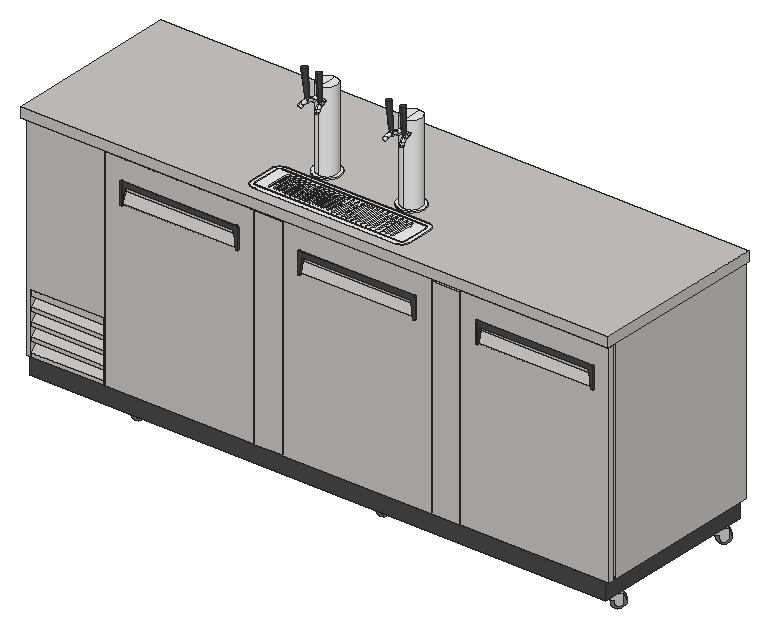
Revit family "QF_Turbo Air_TBD-4", category Specialty Equipment, Revit 2014
Parameters (values of type "TBD-4SD")
  Weight in Pounds = 440
  Watermarked By = ""
  Volts = 115 V
  URL Cutsheet = ""
  URL = "www.turboairinc.com"
  Status [instance] = ""
  Specification by User [instance] = ""
  Specification by Manufacturer [instance] = ""
  Serial Number [instance] = ""
  Revision Code [instance] = ""
  Phase = 1
  Number of Poles [instance] = 1
  NAFEM Spec ID Number [instance] = ""
  Model = "TBD-4SD"
  Masterspec [instance] = ""
  Manufacturer = "Turbo Air"  # constant formula
  Item Number [instance] = "-"
  Installed By [instance] = ""
  HP = "1/3"
  Furnished By [instance] = ""
  Foodservice Equipment Identifier = yes
  FL Amps = 7.5 A
  Electrical Remarks [instance] = ""
  Electric Connection Type [instance] = ""
  Elec Conn RI Height [instance] = 0' - 0"
  Elec Conn Connection Height [instance] = CasterLeg Height + 0' 2"  # 0' - 5"
  Description = "Beer Dispenser"
  Cycle = 60 Hz
  Conn Plug = "NEMA 5-15P"
  CasterLeg Height [instance] = if([2 inch Casters], 0' 3", if([4 inch Casters], 0' 5", 0' 6"))  # 0' - 3"
  CSI MasterFormat = "11 46 13"
  Body Material = QF_Stainless-Polished
  Assembly Code = "E1090320"
  Apparent Power = if(Phase = 3, Volts * FL Amps * 1.73, Volts * FL Amps)  # 862.5 VA
  6 inch Legs [instance] = no
  4 inch Casters [instance] = no
  2 inch Casters [instance] = yes
Reference planes (in)
  plane 1 "BACK": y = 0
  plane 2: z = 0
  plane 3 "LEFT": x = -16.56573
  plane 4 "RIGHT": x = 73.80927
  plane 5 "FRONT": y = -27.125
  plane 6 "Bumber Back": y = 2
  plane 7 "Bottom": z = 3
  plane 8 "Counter Top": z = 40
  plane 9 "Counter Bottom": z = 38.4375
  plane 10 "Vent Bottom": z = 5.5625
  plane 11 "Box Left": x = -16.19073
  plane 12 "Vents Left": x = -15.56573
  plane 13 "Vents Right": x = -4.00323
  plane 14 "Doors Back": y = -24.9375
  plane 15 "Vents Front": y = -26.375
  plane 16 "Vent Top": z = 14.8125
  plane 17 "Box Right": x = 73.43427
  plane 18: x = 50.62177
  plane 19: x = 18.80927
  plane 20 "Center Drain LR": x = 28.62177
  plane 21 "Center Drain FB": y = -21.96875
  plane 22 "Door Clearance": y = -48.375
  plane 23: x = 34.71552
  plane 24: x = 23.30927
  plane 25: x = 46.12177
Forms (in)
  Extrusion 1, solid, material "QF_Plastic-Black-Matte"
    sketch origin (0, 0, 3) x (0, 1, 0) y (-1, 0, 0)
      loop
        line (-0.625, 15.75323) -> (-26.3125, 15.75323) -> (-26.3125, -72.99677) -> (-0.625, -72.99677) -> (-0.625, 15.75323)
    from 0 to 2.5625
  Extrusion 2, solid, material "QF_Stainless-Polished" <- "Body Material"
    sketch origin (-15.56573, 0, 0) x (0, 1, 0) y (0, 0, 1)
      loop
        line (-26.375, 12.375) -> (-26.375, 11.8125) -> (-26, 11.8125) -> (-26, 11.875) -> (-26.3125, 11.875) -> (-26.3125, 12.34911) -> (-25.04917, 13.61244) -> (-25.09337, 13.65663) -> (-26.375, 12.375)
      loop
        line (-26.375, 10.3125) -> (-26.375, 9.75) -> (-26, 9.75) -> (-26, 9.8125) -> (-26.3125, 9.8125) -> (-26.3125, 10.28661) -> (-25.04917, 11.54994) -> (-25.09337, 11.59413) -> (-26.375, 10.3125)
      loop
        line (-26.375, 8.25) -> (-26.375, 7.6875) -> (-26, 7.6875) -> (-26, 7.75) -> (-26.3125, 7.75) -> (-26.3125, 8.22411) -> (-25.04917, 9.48744) -> (-25.09337, 9.53163) -> (-26.375, 8.25)
      loop
        line (-26.375, 6.125) -> (-26.375, 5.5625) -> (-25.8125, 5.5625) -> (-25.8125, 5.625) -> (-26.3125, 5.625) -> (-26.3125, 6.09911) -> (-25.04917, 7.36244) -> (-25.09337, 7.40663) -> (-26.375, 6.125)
      loop
        line (-26.375, 14.8125) -> (-26.375, 13.875) -> (-26, 13.875) -> (-26, 13.9375) -> (-26.3125, 13.9375) -> (-26.3125, 14.41161) -> (-25.91161, 14.8125) -> (-26.375, 14.8125)
    from 0 to 11.3125
  Extrusion 3, solid, material "QF_Plastic-Black-Matte"
    sketch origin (0, 2, 0) x (1, 0, 0) y (0, 0, 1)
      loop
        circle (-10.62823, 34.5) r 0.8125
      loop
        circle (67.87177, 34.5) r 0.8125
    from 0 to 2
  Extrusion 4, solid, material "QF_Plastic-Black-Matte"
    sketch origin (0, 0, 0) x (1, 0, 0) y (0, 0, 1)
      loop
        circle (-10.09698, 5) r 0.25
    from 0.625 to 0.5625
  Extrusion 5, solid, material "QF_Stainless-Polished" <- "Body Material"
    sketch origin (0, 0, 5.5625) x (0, 1, 0) y (-1, 0, 0)
      loop
        line (0, 16.19073) -> (-24.9375, 16.19073) -> (-24.9375, -73.43427) -> (0, -73.43427) -> (0, 16.19073)
    from 0 to 32.875
  Extrusion 6, solid, material "QF_Stainless-Polished" <- "Body Material"
    sketch origin (0, -24.9375, 0) x (1, 0, 0) y (0, 0, 1)
      loop
        line (-16.19073, 38.4375) -> (-16.19073, 5.5625) -> (-15.56573, 5.5625) -> (-15.56573, 14.8125) -> (-4.25323, 14.8125) -> (-4.25323, 5.5625) -> (-4.12823, 5.5625) -> (-4.12823, 38.4375) -> (-16.19073, 38.4375)
    from 0 to 1.4375
  Extrusion 7, solid, material "QF_Stainless-Polished"
    sketch origin (0, 0, 38.4375) x (0, 1, 0) y (-1, 0, 0)
      loop
        line (0, 16.56573) -> (-27.125, 16.56573) -> (-27.125, -73.80927) -> (0, -73.80927) -> (0, 16.56573)
      loop
        arc (-23.9375, -16.43427) -> (-24.77719, -16.78209) -> (-25.125, -17.62177) r 1.1875
        line (-25.125, -17.62177) -> (-25.125, -39.62177)
        arc (-25.125, -39.62177) -> (-24.77719, -40.46146) -> (-23.9375, -40.80927) r 1.1875
        line (-23.9375, -40.80927) -> (-20, -40.80927)
        arc (-20, -40.80927) -> (-19.16031, -40.46146) -> (-18.8125, -39.62177) r 1.1875
        line (-18.8125, -39.62177) -> (-18.8125, -17.62177)
        arc (-18.8125, -17.62177) -> (-19.16031, -16.78209) -> (-20, -16.43427) r 1.1875
        line (-20, -16.43427) -> (-23.9375, -16.43427)
    from 0 to 1.5625
  Extrusion 8, solid, material "QF_Steel-Chrome Plated"
    sketch origin (0, 0, 40) x (0, 1, 0) y (-1, 0, 0)
      loop
        arc (-18.8125, -17.62177) -> (-19.16031, -16.78209) -> (-20, -16.43427) r 1.1875
        line (-20, -16.43427) -> (-23.9375, -16.43427)
        arc (-23.9375, -16.43427) -> (-24.77719, -16.78209) -> (-25.125, -17.62177) r 1.1875
        line (-25.125, -17.62177) -> (-25.125, -39.62177)
        arc (-25.125, -39.62177) -> (-24.77719, -40.46146) -> (-23.9375, -40.80927) r 1.1875
        line (-23.9375, -40.80927) -> (-20, -40.80927)
        arc (-20, -40.80927) -> (-19.16031, -40.46146) -> (-18.8125, -39.62177) r 1.1875
        line (-18.8125, -39.62177) -> (-18.8125, -17.62177)
      loop
        arc (-19.4375, -17.62177) -> (-19.60225, -17.22403) -> (-20, -17.05927) r 0.5625
        line (-20, -17.05927) -> (-23.9375, -17.05927)
        arc (-23.9375, -17.05927) -> (-24.33525, -17.22403) -> (-24.5, -17.62177) r 0.5625
        line (-24.5, -17.62177) -> (-24.5, -39.62177)
        arc (-24.5, -39.62177) -> (-24.33525, -40.01952) -> (-23.9375, -40.18427) r 0.5625
        line (-23.9375, -40.18427) -> (-20, -40.18427)
        arc (-20, -40.18427) -> (-19.60225, -40.01952) -> (-19.4375, -39.62177) r 0.5625
        line (-19.4375, -39.62177) -> (-19.4375, -17.62177)
    from 0 to -0.125
  Extrusion 9, solid, material "QF_Steel-Chrome Plated"
    sketch origin (33.14617, 0.125, 38.45227) x (0, 1, 0) y (-0.939693, 0, 0.34202)
      loop
        line (-20.09432, 4.56363) -> (-24.09318, 4.56363)
        arc (-24.09318, 4.56363) -> (-23.94406, 4.20362) -> (-23.58405, 4.0545) r 0.50913
        line (-23.58405, 4.0545) -> (-20.60345, 4.0545)
        arc (-20.60345, 4.0545) -> (-20.24344, 4.20362) -> (-20.09432, 4.56363) r 0.50913
    from -0.0625 to -0.125
  Extrusion 10, solid, material "QF_Steel-Chrome Plated"
    sketch origin (33.89617, 0.125, 38.45227) x (0, 1, 0) y (-0.939693, 0, 0.34202)
      loop
        line (-20.09432, 4.56363) -> (-24.09318, 4.56363)
        arc (-24.09318, 4.56363) -> (-23.94406, 4.20362) -> (-23.58405, 4.0545) r 0.50913
        line (-23.58405, 4.0545) -> (-20.60345, 4.0545)
        arc (-20.60345, 4.0545) -> (-20.24344, 4.20362) -> (-20.09432, 4.56363) r 0.50913
    from -0.0625 to -0.125
  Extrusion 11, solid, material "QF_Steel-Chrome Plated"
    sketch origin (34.64617, 0.125, 38.45227) x (0, 1, 0) y (-0.939693, 0, 0.34202)
      loop
        line (-20.09432, 4.56363) -> (-24.09318, 4.56363)
        arc (-24.09318, 4.56363) -> (-23.94406, 4.20362) -> (-23.58405, 4.0545) r 0.50913
        line (-23.58405, 4.0545) -> (-20.60345, 4.0545)
        arc (-20.60345, 4.0545) -> (-20.24344, 4.20362) -> (-20.09432, 4.56363) r 0.50913
    from -0.0625 to -0.125
  Extrusion 12, solid, material "QF_Steel-Chrome Plated"
    sketch origin (35.39617, 0.125, 38.45227) x (0, 1, 0) y (-0.939693, 0, 0.34202)
      loop
        line (-20.09432, 4.56363) -> (-24.09318, 4.56363)
        arc (-24.09318, 4.56363) -> (-23.94406, 4.20362) -> (-23.58405, 4.0545) r 0.50913
        line (-23.58405, 4.0545) -> (-20.60345, 4.0545)
        arc (-20.60345, 4.0545) -> (-20.24344, 4.20362) -> (-20.09432, 4.56363) r 0.50913
    from -0.0625 to -0.125
  Extrusion 13, solid, material "QF_Steel-Chrome Plated"
    sketch origin (36.14617, 0.125, 38.45227) x (0, 1, 0) y (-0.939693, 0, 0.34202)
      loop
        line (-20.09432, 4.56363) -> (-24.09318, 4.56363)
        arc (-24.09318, 4.56363) -> (-23.94406, 4.20362) -> (-23.58405, 4.0545) r 0.50913
        line (-23.58405, 4.0545) -> (-20.60345, 4.0545)
        arc (-20.60345, 4.0545) -> (-20.24344, 4.20362) -> (-20.09432, 4.56363) r 0.50913
    from -0.0625 to -0.125
  Extrusion 14, solid, material "QF_Steel-Chrome Plated"
    sketch origin (36.89617, 0.125, 38.45227) x (0, 1, 0) y (-0.939693, 0, 0.34202)
      loop
        line (-20.09432, 4.56363) -> (-24.09318, 4.56363)
        arc (-24.09318, 4.56363) -> (-23.94406, 4.20362) -> (-23.58405, 4.0545) r 0.50913
        line (-23.58405, 4.0545) -> (-20.60345, 4.0545)
        arc (-20.60345, 4.0545) -> (-20.24344, 4.20362) -> (-20.09432, 4.56363) r 0.50913
    from -0.0625 to -0.125
  Extrusion 15, solid, material "QF_Steel-Chrome Plated"
    sketch origin (37.64617, 0.125, 38.45227) x (0, 1, 0) y (-0.939693, 0, 0.34202)
      loop
        line (-20.09432, 4.56363) -> (-24.09318, 4.56363)
        arc (-24.09318, 4.56363) -> (-23.94406, 4.20362) -> (-23.58405, 4.0545) r 0.50913
        line (-23.58405, 4.0545) -> (-20.60345, 4.0545)
        arc (-20.60345, 4.0545) -> (-20.24344, 4.20362) -> (-20.09432, 4.56363) r 0.50913
    from -0.0625 to -0.125
  Extrusion 16, solid, material "QF_Steel-Chrome Plated"
    sketch origin (24.09737, 0.125, 38.45227) x (0, 1, 0) y (-0.939693, 0, -0.34202)
      loop
        arc (-20.09432, -4.56363) -> (-20.24344, -4.20362) -> (-20.60345, -4.0545) r 0.50913
        line (-20.60345, -4.0545) -> (-23.58405, -4.0545)
        arc (-23.58405, -4.0545) -> (-23.94406, -4.20362) -> (-24.09318, -4.56363) r 0.50913
        line (-24.09318, -4.56363) -> (-20.09432, -4.56363)
    from -0.0625 to -0.125
  Extrusion 17, solid, material "QF_Steel-Chrome Plated"
    sketch origin (23.34737, 0.125, 38.45227) x (0, 1, 0) y (-0.939693, 0, -0.34202)
      loop
        arc (-20.09432, -4.56363) -> (-20.24344, -4.20362) -> (-20.60345, -4.0545) r 0.50913
        line (-20.60345, -4.0545) -> (-23.58405, -4.0545)
        arc (-23.58405, -4.0545) -> (-23.94406, -4.20362) -> (-24.09318, -4.56363) r 0.50913
        line (-24.09318, -4.56363) -> (-20.09432, -4.56363)
    from -0.0625 to -0.125
  Extrusion 18, solid, material "QF_Steel-Chrome Plated"
    sketch origin (22.59737, 0.125, 38.45227) x (0, 1, 0) y (-0.939693, 0, -0.34202)
      loop
        arc (-20.09432, -4.56363) -> (-20.24344, -4.20362) -> (-20.60345, -4.0545) r 0.50913
        line (-20.60345, -4.0545) -> (-23.58405, -4.0545)
        arc (-23.58405, -4.0545) -> (-23.94406, -4.20362) -> (-24.09318, -4.56363) r 0.50913
        line (-24.09318, -4.56363) -> (-20.09432, -4.56363)
    from -0.0625 to -0.125
  Extrusion 19, solid, material "QF_Steel-Chrome Plated"
    sketch origin (21.84737, 0.125, 38.45227) x (0, 1, 0) y (-0.939693, 0, -0.34202)
      loop
        arc (-20.09432, -4.56363) -> (-20.24344, -4.20362) -> (-20.60345, -4.0545) r 0.50913
        line (-20.60345, -4.0545) -> (-23.58405, -4.0545)
        arc (-23.58405, -4.0545) -> (-23.94406, -4.20362) -> (-24.09318, -4.56363) r 0.50913
        line (-24.09318, -4.56363) -> (-20.09432, -4.56363)
    from -0.0625 to -0.125
  Extrusion 20, solid, material "QF_Steel-Chrome Plated"
    sketch origin (21.09737, 0.125, 38.45227) x (0, 1, 0) y (-0.939693, 0, -0.34202)
      loop
        arc (-20.09432, -4.56363) -> (-20.24344, -4.20362) -> (-20.60345, -4.0545) r 0.50913
        line (-20.60345, -4.0545) -> (-23.58405, -4.0545)
        arc (-23.58405, -4.0545) -> (-23.94406, -4.20362) -> (-24.09318, -4.56363) r 0.50913
        line (-24.09318, -4.56363) -> (-20.09432, -4.56363)
    from -0.0625 to -0.125
  Extrusion 21, solid, material "QF_Steel-Chrome Plated"
    sketch origin (20.34737, 0.125, 38.45227) x (0, 1, 0) y (-0.939693, 0, -0.34202)
      loop
        arc (-20.09432, -4.56363) -> (-20.24344, -4.20362) -> (-20.60345, -4.0545) r 0.50913
        line (-20.60345, -4.0545) -> (-23.58405, -4.0545)
        arc (-23.58405, -4.0545) -> (-23.94406, -4.20362) -> (-24.09318, -4.56363) r 0.50913
        line (-24.09318, -4.56363) -> (-20.09432, -4.56363)
    from -0.0625 to -0.125
  Extrusion 22, solid, material "QF_Steel-Chrome Plated"
    sketch origin (19.59737, 0.125, 38.45227) x (0, 1, 0) y (-0.939693, 0, -0.34202)
      loop
        arc (-20.09432, -4.56363) -> (-20.24344, -4.20362) -> (-20.60345, -4.0545) r 0.50913
        line (-20.60345, -4.0545) -> (-23.58405, -4.0545)
        arc (-23.58405, -4.0545) -> (-23.94406, -4.20362) -> (-24.09318, -4.56363) r 0.50913
        line (-24.09318, -4.56363) -> (-20.09432, -4.56363)
    from -0.0625 to -0.125
  Extrusion 23, solid, material "QF_Steel-Chrome Plated", not visible
    sketch origin (-0.22883, 0, 37.95227) x (0, 1, 0) y (-0.939693, 0, 0.34202)
      loop
        line (-20.09432, 4.56363) -> (-24.09318, 4.56363)
        arc (-24.09318, 4.56363) -> (-23.94406, 4.20362) -> (-23.58405, 4.0545) r 0.50913
        line (-23.58405, 4.0545) -> (-20.60345, 4.0545)
        arc (-20.60345, 4.0545) -> (-20.24344, 4.20362) -> (-20.09432, 4.56363) r 0.50913
    from -0.0625 to -0.125
  Extrusion 24, solid, material "QF_Steel-Chrome Plated", not visible
    sketch origin (0.52117, 0, 37.95227) x (0, 1, 0) y (-0.939693, 0, 0.34202)
      loop
        line (-20.09432, 4.56363) -> (-24.09318, 4.56363)
        arc (-24.09318, 4.56363) -> (-23.94406, 4.20362) -> (-23.58405, 4.0545) r 0.50913
        line (-23.58405, 4.0545) -> (-20.60345, 4.0545)
        arc (-20.60345, 4.0545) -> (-20.24344, 4.20362) -> (-20.09432, 4.56363) r 0.50913
    from -0.0625 to -0.125
  Extrusion 25, solid, material "QF_Steel-Chrome Plated", not visible
    sketch origin (1.27117, 0, 37.95227) x (0, 1, 0) y (-0.939693, 0, 0.34202)
      loop
        line (-20.09432, 4.56363) -> (-24.09318, 4.56363)
        arc (-24.09318, 4.56363) -> (-23.94406, 4.20362) -> (-23.58405, 4.0545) r 0.50913
        line (-23.58405, 4.0545) -> (-20.60345, 4.0545)
        arc (-20.60345, 4.0545) -> (-20.24344, 4.20362) -> (-20.09432, 4.56363) r 0.50913
    from -0.0625 to -0.125
  Extrusion 26, solid, material "QF_Steel-Chrome Plated", not visible
    sketch origin (2.02117, 0, 37.95227) x (0, 1, 0) y (-0.939693, 0, 0.34202)
      loop
        line (-20.09432, 4.56363) -> (-24.09318, 4.56363)
        arc (-24.09318, 4.56363) -> (-23.94406, 4.20362) -> (-23.58405, 4.0545) r 0.50913
        line (-23.58405, 4.0545) -> (-20.60345, 4.0545)
        arc (-20.60345, 4.0545) -> (-20.24344, 4.20362) -> (-20.09432, 4.56363) r 0.50913
    from -0.0625 to -0.125
  Extrusion 27, solid, material "QF_Steel-Chrome Plated", not visible
    sketch origin (2.77117, 0, 37.95227) x (0, 1, 0) y (-0.939693, 0, 0.34202)
      loop
        line (-20.09432, 4.56363) -> (-24.09318, 4.56363)
        arc (-24.09318, 4.56363) -> (-23.94406, 4.20362) -> (-23.58405, 4.0545) r 0.50913
        line (-23.58405, 4.0545) -> (-20.60345, 4.0545)
        arc (-20.60345, 4.0545) -> (-20.24344, 4.20362) -> (-20.09432, 4.56363) r 0.50913
    from -0.0625 to -0.125
  Extrusion 28, solid, material "QF_Steel-Chrome Plated", not visible
    sketch origin (3.52117, 0, 37.95227) x (0, 1, 0) y (-0.939693, 0, 0.34202)
      loop
        line (-20.09432, 4.56363) -> (-24.09318, 4.56363)
        arc (-24.09318, 4.56363) -> (-23.94406, 4.20362) -> (-23.58405, 4.0545) r 0.50913
        line (-23.58405, 4.0545) -> (-20.60345, 4.0545)
        arc (-20.60345, 4.0545) -> (-20.24344, 4.20362) -> (-20.09432, 4.56363) r 0.50913
    from -0.0625 to -0.125
  Extrusion 29, solid, material "QF_Steel-Chrome Plated", not visible
    sketch origin (4.27117, 0, 37.95227) x (0, 1, 0) y (-0.939693, 0, 0.34202)
      loop
        line (-20.09432, 4.56363) -> (-24.09318, 4.56363)
        arc (-24.09318, 4.56363) -> (-23.94406, 4.20362) -> (-23.58405, 4.0545) r 0.50913
        line (-23.58405, 4.0545) -> (-20.60345, 4.0545)
        arc (-20.60345, 4.0545) -> (-20.24344, 4.20362) -> (-20.09432, 4.56363) r 0.50913
    from -0.0625 to -0.125
  Extrusion 30, solid, material "QF_Steel-Chrome Plated", not visible
    sketch origin (-9.27763, 0, 37.95227) x (0, 1, 0) y (-0.939693, 0, -0.34202)
      loop
        arc (-20.09432, -4.56363) -> (-20.24344, -4.20362) -> (-20.60345, -4.0545) r 0.50913
        line (-20.60345, -4.0545) -> (-23.58405, -4.0545)
        arc (-23.58405, -4.0545) -> (-23.94406, -4.20362) -> (-24.09318, -4.56363) r 0.50913
        line (-24.09318, -4.56363) -> (-20.09432, -4.56363)
    from -0.0625 to -0.125
  Extrusion 31, solid, material "QF_Steel-Chrome Plated", not visible
    sketch origin (-10.02763, 0, 37.95227) x (0, 1, 0) y (-0.939693, 0, -0.34202)
      loop
        arc (-20.09432, -4.56363) -> (-20.24344, -4.20362) -> (-20.60345, -4.0545) r 0.50913
        line (-20.60345, -4.0545) -> (-23.58405, -4.0545)
        arc (-23.58405, -4.0545) -> (-23.94406, -4.20362) -> (-24.09318, -4.56363) r 0.50913
        line (-24.09318, -4.56363) -> (-20.09432, -4.56363)
    from -0.0625 to -0.125
  Extrusion 32, solid, material "QF_Steel-Chrome Plated", not visible
    sketch origin (-10.77763, 0, 37.95227) x (0, 1, 0) y (-0.939693, 0, -0.34202)
      loop
        arc (-20.09432, -4.56363) -> (-20.24344, -4.20362) -> (-20.60345, -4.0545) r 0.50913
        line (-20.60345, -4.0545) -> (-23.58405, -4.0545)
        arc (-23.58405, -4.0545) -> (-23.94406, -4.20362) -> (-24.09318, -4.56363) r 0.50913
        line (-24.09318, -4.56363) -> (-20.09432, -4.56363)
    from -0.0625 to -0.125
  Extrusion 33, solid, material "QF_Steel-Chrome Plated", not visible
    sketch origin (-11.52763, 0, 37.95227) x (0, 1, 0) y (-0.939693, 0, -0.34202)
      loop
        arc (-20.09432, -4.56363) -> (-20.24344, -4.20362) -> (-20.60345, -4.0545) r 0.50913
        line (-20.60345, -4.0545) -> (-23.58405, -4.0545)
        arc (-23.58405, -4.0545) -> (-23.94406, -4.20362) -> (-24.09318, -4.56363) r 0.50913
        line (-24.09318, -4.56363) -> (-20.09432, -4.56363)
    from -0.0625 to -0.125
  Extrusion 34, solid, material "QF_Steel-Chrome Plated", not visible
    sketch origin (-12.27763, 0, 37.95227) x (0, 1, 0) y (-0.939693, 0, -0.34202)
      loop
        arc (-20.09432, -4.56363) -> (-20.24344, -4.20362) -> (-20.60345, -4.0545) r 0.50913
        line (-20.60345, -4.0545) -> (-23.58405, -4.0545)
        arc (-23.58405, -4.0545) -> (-23.94406, -4.20362) -> (-24.09318, -4.56363) r 0.50913
        line (-24.09318, -4.56363) -> (-20.09432, -4.56363)
    from -0.0625 to -0.125
  Extrusion 35, solid, material "QF_Steel-Chrome Plated", not visible
    sketch origin (-13.02763, 0, 37.95227) x (0, 1, 0) y (-0.939693, 0, -0.34202)
      loop
        arc (-20.09432, -4.56363) -> (-20.24344, -4.20362) -> (-20.60345, -4.0545) r 0.50913
        line (-20.60345, -4.0545) -> (-23.58405, -4.0545)
        arc (-23.58405, -4.0545) -> (-23.94406, -4.20362) -> (-24.09318, -4.56363) r 0.50913
        line (-24.09318, -4.56363) -> (-20.09432, -4.56363)
    from -0.0625 to -0.125
  Extrusion 36, solid, material "QF_Steel-Chrome Plated", not visible
    sketch origin (-13.77763, 0, 37.95227) x (0, 1, 0) y (-0.939693, 0, -0.34202)
      loop
        arc (-20.09432, -4.56363) -> (-20.24344, -4.20362) -> (-20.60345, -4.0545) r 0.50913
        line (-20.60345, -4.0545) -> (-23.58405, -4.0545)
        arc (-23.58405, -4.0545) -> (-23.94406, -4.20362) -> (-24.09318, -4.56363) r 0.50913
        line (-24.09318, -4.56363) -> (-20.09432, -4.56363)
    from -0.0625 to -0.125
  Extrusion 37, solid, material "QF_Steel-Chrome Plated"
    sketch origin (18.84737, 0.125, 38.45227) x (0, 1, 0) y (-0.939693, 0, -0.34202)
      loop
        arc (-20.09432, -4.56363) -> (-20.24344, -4.20362) -> (-20.60345, -4.0545) r 0.50913
        line (-20.60345, -4.0545) -> (-23.58405, -4.0545)
        arc (-23.58405, -4.0545) -> (-23.94406, -4.20362) -> (-24.09318, -4.56363) r 0.50913
        line (-24.09318, -4.56363) -> (-20.09432, -4.56363)
    from -0.0625 to -0.125
  Extrusion 38, solid, material "QF_Steel-Chrome Plated"
    sketch origin (18.09737, 0.125, 38.45227) x (0, 1, 0) y (-0.939693, 0, -0.34202)
      loop
        arc (-20.09432, -4.56363) -> (-20.24344, -4.20362) -> (-20.60345, -4.0545) r 0.50913
        line (-20.60345, -4.0545) -> (-23.58405, -4.0545)
        arc (-23.58405, -4.0545) -> (-23.94406, -4.20362) -> (-24.09318, -4.56363) r 0.50913
        line (-24.09318, -4.56363) -> (-20.09432, -4.56363)
    from -0.0625 to -0.125
  Extrusion 39, solid, material "QF_Steel-Chrome Plated"
    sketch origin (17.34737, 0.125, 38.45227) x (0, 1, 0) y (-0.939693, 0, -0.34202)
      loop
        arc (-20.09432, -4.56363) -> (-20.24344, -4.20362) -> (-20.60345, -4.0545) r 0.50913
        line (-20.60345, -4.0545) -> (-23.58405, -4.0545)
        arc (-23.58405, -4.0545) -> (-23.94406, -4.20362) -> (-24.09318, -4.56363) r 0.50913
        line (-24.09318, -4.56363) -> (-20.09432, -4.56363)
    from -0.0625 to -0.125
  Extrusion 40, solid, material "QF_Steel-Chrome Plated"
    sketch origin (16.59737, 0.125, 38.45227) x (0, 1, 0) y (-0.939693, 0, -0.34202)
      loop
        arc (-20.09432, -4.56363) -> (-20.24344, -4.20362) -> (-20.60345, -4.0545) r 0.50913
        line (-20.60345, -4.0545) -> (-23.58405, -4.0545)
        arc (-23.58405, -4.0545) -> (-23.94406, -4.20362) -> (-24.09318, -4.56363) r 0.50913
        line (-24.09318, -4.56363) -> (-20.09432, -4.56363)
    from -0.0625 to -0.125
  Extrusion 41, solid, material "QF_Steel-Chrome Plated"
    sketch origin (15.84737, 0.125, 38.45227) x (0, 1, 0) y (-0.939693, 0, -0.34202)
      loop
        arc (-20.09432, -4.56363) -> (-20.24344, -4.20362) -> (-20.60345, -4.0545) r 0.50913
        line (-20.60345, -4.0545) -> (-23.58405, -4.0545)
        arc (-23.58405, -4.0545) -> (-23.94406, -4.20362) -> (-24.09318, -4.56363) r 0.50913
        line (-24.09318, -4.56363) -> (-20.09432, -4.56363)
    from -0.0625 to -0.125
  Extrusion 42, solid, material "QF_Steel-Chrome Plated"
    sketch origin (15.09737, 0.125, 38.45227) x (0, 1, 0) y (-0.939693, 0, -0.34202)
      loop
        arc (-20.09432, -4.56363) -> (-20.24344, -4.20362) -> (-20.60345, -4.0545) r 0.50913
        line (-20.60345, -4.0545) -> (-23.58405, -4.0545)
        arc (-23.58405, -4.0545) -> (-23.94406, -4.20362) -> (-24.09318, -4.56363) r 0.50913
        line (-24.09318, -4.56363) -> (-20.09432, -4.56363)
    from -0.0625 to -0.125
  Extrusion 43, solid, material "QF_Steel-Chrome Plated"
    sketch origin (38.39617, 0.125, 38.45227) x (0, 1, 0) y (-0.939693, 0, 0.34202)
      loop
        line (-20.09432, 4.56363) -> (-24.09318, 4.56363)
        arc (-24.09318, 4.56363) -> (-23.94406, 4.20362) -> (-23.58405, 4.0545) r 0.50913
        line (-23.58405, 4.0545) -> (-20.60345, 4.0545)
        arc (-20.60345, 4.0545) -> (-20.24344, 4.20362) -> (-20.09432, 4.56363) r 0.50913
    from -0.0625 to -0.125
  Extrusion 44, solid, material "QF_Steel-Chrome Plated"
    sketch origin (39.14617, 0.125, 38.45227) x (0, 1, 0) y (-0.939693, 0, 0.34202)
      loop
        line (-20.09432, 4.56363) -> (-24.09318, 4.56363)
        arc (-24.09318, 4.56363) -> (-23.94406, 4.20362) -> (-23.58405, 4.0545) r 0.50913
        line (-23.58405, 4.0545) -> (-20.60345, 4.0545)
        arc (-20.60345, 4.0545) -> (-20.24344, 4.20362) -> (-20.09432, 4.56363) r 0.50913
    from -0.0625 to -0.125
  Extrusion 45, solid, material "QF_Steel-Chrome Plated"
    sketch origin (39.89617, 0.125, 38.45227) x (0, 1, 0) y (-0.939693, 0, 0.34202)
      loop
        line (-20.09432, 4.56363) -> (-24.09318, 4.56363)
        arc (-24.09318, 4.56363) -> (-23.94406, 4.20362) -> (-23.58405, 4.0545) r 0.50913
        line (-23.58405, 4.0545) -> (-20.60345, 4.0545)
        arc (-20.60345, 4.0545) -> (-20.24344, 4.20362) -> (-20.09432, 4.56363) r 0.50913
    from -0.0625 to -0.125
  Extrusion 46, solid, material "QF_Steel-Chrome Plated"
    sketch origin (40.64617, 0.125, 38.45227) x (0, 1, 0) y (-0.939693, 0, 0.34202)
      loop
        line (-20.09432, 4.56363) -> (-24.09318, 4.56363)
        arc (-24.09318, 4.56363) -> (-23.94406, 4.20362) -> (-23.58405, 4.0545) r 0.50913
        line (-23.58405, 4.0545) -> (-20.60345, 4.0545)
        arc (-20.60345, 4.0545) -> (-20.24344, 4.20362) -> (-20.09432, 4.56363) r 0.50913
    from -0.0625 to -0.125
  Extrusion 47, solid, material "QF_Steel-Chrome Plated"
    sketch origin (41.39617, 0.125, 38.45227) x (0, 1, 0) y (-0.939693, 0, 0.34202)
      loop
        line (-20.09432, 4.56363) -> (-24.09318, 4.56363)
        arc (-24.09318, 4.56363) -> (-23.94406, 4.20362) -> (-23.58405, 4.0545) r 0.50913
        line (-23.58405, 4.0545) -> (-20.60345, 4.0545)
        arc (-20.60345, 4.0545) -> (-20.24344, 4.20362) -> (-20.09432, 4.56363) r 0.50913
    from -0.0625 to -0.125
  Extrusion 48, solid, material "QF_Steel-Chrome Plated"
    sketch origin (42.14617, 0.125, 38.45227) x (0, 1, 0) y (-0.939693, 0, 0.34202)
      loop
        line (-20.09432, 4.56363) -> (-24.09318, 4.56363)
        arc (-24.09318, 4.56363) -> (-23.94406, 4.20362) -> (-23.58405, 4.0545) r 0.50913
        line (-23.58405, 4.0545) -> (-20.60345, 4.0545)
        arc (-20.60345, 4.0545) -> (-20.24344, 4.20362) -> (-20.09432, 4.56363) r 0.50913
    from -0.0625 to -0.125
  Extrusion 49, solid, material "QF_Steel-Chrome Plated", not visible
    sketch origin (-14.52763, 0, 37.95227) x (0, 1, 0) y (-0.939693, 0, -0.34202)
      loop
        arc (-20.09432, -4.56363) -> (-20.24344, -4.20362) -> (-20.60345, -4.0545) r 0.50913
        line (-20.60345, -4.0545) -> (-23.58405, -4.0545)
        arc (-23.58405, -4.0545) -> (-23.94406, -4.20362) -> (-24.09318, -4.56363) r 0.50913
        line (-24.09318, -4.56363) -> (-20.09432, -4.56363)
    from -0.0625 to -0.125
  Extrusion 50, solid, material "QF_Steel-Chrome Plated", not visible
    sketch origin (-15.27763, 0, 37.95227) x (0, 1, 0) y (-0.939693, 0, -0.34202)
      loop
        arc (-20.09432, -4.56363) -> (-20.24344, -4.20362) -> (-20.60345, -4.0545) r 0.50913
        line (-20.60345, -4.0545) -> (-23.58405, -4.0545)
        arc (-23.58405, -4.0545) -> (-23.94406, -4.20362) -> (-24.09318, -4.56363) r 0.50913
        line (-24.09318, -4.56363) -> (-20.09432, -4.56363)
    from -0.0625 to -0.125
  Extrusion 51, solid, material "QF_Steel-Chrome Plated", not visible
    sketch origin (-16.02763, 0, 37.95227) x (0, 1, 0) y (-0.939693, 0, -0.34202)
      loop
        arc (-20.09432, -4.56363) -> (-20.24344, -4.20362) -> (-20.60345, -4.0545) r 0.50913
        line (-20.60345, -4.0545) -> (-23.58405, -4.0545)
        arc (-23.58405, -4.0545) -> (-23.94406, -4.20362) -> (-24.09318, -4.56363) r 0.50913
        line (-24.09318, -4.56363) -> (-20.09432, -4.56363)
    from -0.0625 to -0.125
  Extrusion 52, solid, material "QF_Steel-Chrome Plated", not visible
    sketch origin (-16.77763, 0, 37.95227) x (0, 1, 0) y (-0.939693, 0, -0.34202)
      loop
        arc (-20.09432, -4.56363) -> (-20.24344, -4.20362) -> (-20.60345, -4.0545) r 0.50913
        line (-20.60345, -4.0545) -> (-23.58405, -4.0545)
        arc (-23.58405, -4.0545) -> (-23.94406, -4.20362) -> (-24.09318, -4.56363) r 0.50913
        line (-24.09318, -4.56363) -> (-20.09432, -4.56363)
    from -0.0625 to -0.125
  Extrusion 53, solid, material "QF_Steel-Chrome Plated", not visible
    sketch origin (-17.52763, 0, 37.95227) x (0, 1, 0) y (-0.939693, 0, -0.34202)
      loop
        arc (-20.09432, -4.56363) -> (-20.24344, -4.20362) -> (-20.60345, -4.0545) r 0.50913
        line (-20.60345, -4.0545) -> (-23.58405, -4.0545)
        arc (-23.58405, -4.0545) -> (-23.94406, -4.20362) -> (-24.09318, -4.56363) r 0.50913
        line (-24.09318, -4.56363) -> (-20.09432, -4.56363)
    from -0.0625 to -0.125
  Extrusion 54, solid, material "QF_Steel-Chrome Plated", not visible
    sketch origin (-18.27763, 0, 37.95227) x (0, 1, 0) y (-0.939693, 0, -0.34202)
      loop
        arc (-20.09432, -4.56363) -> (-20.24344, -4.20362) -> (-20.60345, -4.0545) r 0.50913
        line (-20.60345, -4.0545) -> (-23.58405, -4.0545)
        arc (-23.58405, -4.0545) -> (-23.94406, -4.20362) -> (-24.09318, -4.56363) r 0.50913
        line (-24.09318, -4.56363) -> (-20.09432, -4.56363)
    from -0.0625 to -0.125
  Extrusion 55, solid, material "QF_Steel-Chrome Plated", not visible
    sketch origin (5.02117, 0, 37.95227) x (0, 1, 0) y (-0.939693, 0, 0.34202)
      loop
        line (-20.09432, 4.56363) -> (-24.09318, 4.56363)
        arc (-24.09318, 4.56363) -> (-23.94406, 4.20362) -> (-23.58405, 4.0545) r 0.50913
        line (-23.58405, 4.0545) -> (-20.60345, 4.0545)
        arc (-20.60345, 4.0545) -> (-20.24344, 4.20362) -> (-20.09432, 4.56363) r 0.50913
    from -0.0625 to -0.125
  Extrusion 56, solid, material "QF_Steel-Chrome Plated", not visible
    sketch origin (5.77117, 0, 37.95227) x (0, 1, 0) y (-0.939693, 0, 0.34202)
      loop
        line (-20.09432, 4.56363) -> (-24.09318, 4.56363)
        arc (-24.09318, 4.56363) -> (-23.94406, 4.20362) -> (-23.58405, 4.0545) r 0.50913
        line (-23.58405, 4.0545) -> (-20.60345, 4.0545)
        arc (-20.60345, 4.0545) -> (-20.24344, 4.20362) -> (-20.09432, 4.56363) r 0.50913
    from -0.0625 to -0.125
  Extrusion 57, solid, material "QF_Steel-Chrome Plated", not visible
    sketch origin (6.52117, 0, 37.95227) x (0, 1, 0) y (-0.939693, 0, 0.34202)
      loop
        line (-20.09432, 4.56363) -> (-24.09318, 4.56363)
        arc (-24.09318, 4.56363) -> (-23.94406, 4.20362) -> (-23.58405, 4.0545) r 0.50913
        line (-23.58405, 4.0545) -> (-20.60345, 4.0545)
        arc (-20.60345, 4.0545) -> (-20.24344, 4.20362) -> (-20.09432, 4.56363) r 0.50913
    from -0.0625 to -0.125
  Extrusion 58, solid, material "QF_Steel-Chrome Plated", not visible
    sketch origin (7.27117, 0, 37.95227) x (0, 1, 0) y (-0.939693, 0, 0.34202)
      loop
        line (-20.09432, 4.56363) -> (-24.09318, 4.56363)
        arc (-24.09318, 4.56363) -> (-23.94406, 4.20362) -> (-23.58405, 4.0545) r 0.50913
        line (-23.58405, 4.0545) -> (-20.60345, 4.0545)
        arc (-20.60345, 4.0545) -> (-20.24344, 4.20362) -> (-20.09432, 4.56363) r 0.50913
    from -0.0625 to -0.125
  Extrusion 59, solid, material "QF_Steel-Chrome Plated", not visible
    sketch origin (8.02117, 0, 37.95227) x (0, 1, 0) y (-0.939693, 0, 0.34202)
      loop
        line (-20.09432, 4.56363) -> (-24.09318, 4.56363)
        arc (-24.09318, 4.56363) -> (-23.94406, 4.20362) -> (-23.58405, 4.0545) r 0.50913
        line (-23.58405, 4.0545) -> (-20.60345, 4.0545)
        arc (-20.60345, 4.0545) -> (-20.24344, 4.20362) -> (-20.09432, 4.56363) r 0.50913
    from -0.0625 to -0.125
  Extrusion 60, solid, material "QF_Steel-Chrome Plated", not visible
    sketch origin (8.77117, 0, 37.95227) x (0, 1, 0) y (-0.939693, 0, 0.34202)
      loop
        line (-20.09432, 4.56363) -> (-24.09318, 4.56363)
        arc (-24.09318, 4.56363) -> (-23.94406, 4.20362) -> (-23.58405, 4.0545) r 0.50913
        line (-23.58405, 4.0545) -> (-20.60345, 4.0545)
        arc (-20.60345, 4.0545) -> (-20.24344, 4.20362) -> (-20.09432, 4.56363) r 0.50913
    from -0.0625 to -0.125
  Extrusion 61, solid, material "QF_Clearance", detail levels coarse+medium
    sketch origin (0, 0, 5.5625) x (0, 1, 0) y (-1, 0, 0)
      loop
        line (-48.375, -73.43427) -> (-26.375, -73.43427) -> (-26.375, -50.62177)
        arc (-26.375, -50.62177) -> (-41.98315, -57.584) -> (-48.375, -73.43427) r 22.8125
    from 0 to 32.3125
  Extrusion 62, solid, material "QF_Clearance", detail levels coarse+medium
    sketch origin (0, 0, 5.5625) x (0, 1, 0) y (-1, 0, 0)
      loop
        arc (-48.375, 4.00323) -> (-41.98315, -11.84705) -> (-26.375, -18.80927) r 22.8125
        line (-26.375, -18.80927) -> (-26.375, 4.00323) -> (-48.375, 4.00323)
    from 0 to 32.3125
  Extrusion 63, solid, material "QF_Steel-Chrome Plated"
    sketch origin (0, 0, 40) x (0, 1, 0) y (-1, 0, 0)
      loop
        arc (-19.5, -17.62177) -> (-19.64645, -17.26822) -> (-20, -17.12177) r 0.5
        line (-20, -17.12177) -> (-23.9375, -17.12177)
        arc (-23.9375, -17.12177) -> (-24.29105, -17.26822) -> (-24.4375, -17.62177) r 0.5
        line (-24.4375, -17.62177) -> (-24.4375, -39.62177)
        arc (-24.4375, -39.62177) -> (-24.29105, -39.97533) -> (-23.9375, -40.12177) r 0.5
        line (-23.9375, -40.12177) -> (-20, -40.12177)
        arc (-20, -40.12177) -> (-19.64645, -39.97533) -> (-19.5, -39.62177) r 0.5
        line (-19.5, -39.62177) -> (-19.5, -17.62177)
      loop
        circle (-21.96875, -28.62177) r 0.1875
      loop
        arc (-23.96875, -28.87177) -> (-23.8223, -29.22533) -> (-23.46875, -29.37177) r 0.5
        line (-23.46875, -29.37177) -> (-20.46875, -29.37177)
        arc (-20.46875, -29.37177) -> (-20.1152, -29.22533) -> (-19.96875, -28.87177) r 0.5
        line (-19.96875, -28.87177) -> (-23.96875, -28.87177)
      loop
        arc (-23.96875, -29.62177) -> (-23.8223, -29.97533) -> (-23.46875, -30.12177) r 0.5
        line (-23.46875, -30.12177) -> (-20.46875, -30.12177)
        arc (-20.46875, -30.12177) -> (-20.1152, -29.97533) -> (-19.96875, -29.62177) r 0.5
        line (-19.96875, -29.62177) -> (-23.96875, -29.62177)
      loop
        arc (-23.96875, -30.37177) -> (-23.8223, -30.72533) -> (-23.46875, -30.87177) r 0.5
        line (-23.46875, -30.87177) -> (-20.46875, -30.87177)
        arc (-20.46875, -30.87177) -> (-20.1152, -30.72533) -> (-19.96875, -30.37177) r 0.5
        line (-19.96875, -30.37177) -> (-23.96875, -30.37177)
      loop
        arc (-23.96875, -31.12177) -> (-23.8223, -31.47533) -> (-23.46875, -31.62177) r 0.5
        line (-23.46875, -31.62177) -> (-20.46875, -31.62177)
        arc (-20.46875, -31.62177) -> (-20.1152, -31.47533) -> (-19.96875, -31.12177) r 0.5
        line (-19.96875, -31.12177) -> (-23.96875, -31.12177)
      loop
        arc (-23.96875, -31.87177) -> (-23.8223, -32.22533) -> (-23.46875, -32.37177) r 0.5
        line (-23.46875, -32.37177) -> (-20.46875, -32.37177)
        arc (-20.46875, -32.37177) -> (-20.1152, -32.22533) -> (-19.96875, -31.87177) r 0.5
        line (-19.96875, -31.87177) -> (-23.96875, -31.87177)
      loop
        arc (-23.96875, -32.62177) -> (-23.8223, -32.97533) -> (-23.46875, -33.12177) r 0.5
        line (-23.46875, -33.12177) -> (-20.46875, -33.12177)
        arc (-20.46875, -33.12177) -> (-20.1152, -32.97533) -> (-19.96875, -32.62177) r 0.5
        line (-19.96875, -32.62177) -> (-23.96875, -32.62177)
      loop
        arc (-23.96875, -33.37177) -> (-23.8223, -33.72533) -> (-23.46875, -33.87177) r 0.5
        line (-23.46875, -33.87177) -> (-20.46875, -33.87177)
        arc (-20.46875, -33.87177) -> (-20.1152, -33.72533) -> (-19.96875, -33.37177) r 0.5
        line (-19.96875, -33.37177) -> (-23.96875, -33.37177)
      loop
        line (-23.96875, -28.37177) -> (-19.96875, -28.37177)
        arc (-19.96875, -28.37177) -> (-20.1152, -28.01822) -> (-20.46875, -27.87177) r 0.5
        line (-20.46875, -27.87177) -> (-23.46875, -27.87177)
        arc (-23.46875, -27.87177) -> (-23.8223, -28.01822) -> (-23.96875, -28.37177) r 0.5
      loop
        line (-23.96875, -27.62177) -> (-19.96875, -27.62177)
        arc (-19.96875, -27.62177) -> (-20.1152, -27.26822) -> (-20.46875, -27.12177) r 0.5
        line (-20.46875, -27.12177) -> (-23.46875, -27.12177)
        arc (-23.46875, -27.12177) -> (-23.8223, -27.26822) -> (-23.96875, -27.62177) r 0.5
      loop
        line (-23.96875, -26.87177) -> (-19.96875, -26.87177)
        arc (-19.96875, -26.87177) -> (-20.1152, -26.51822) -> (-20.46875, -26.37177) r 0.5
        line (-20.46875, -26.37177) -> (-23.46875, -26.37177)
        arc (-23.46875, -26.37177) -> (-23.8223, -26.51822) -> (-23.96875, -26.87177) r 0.5
      loop
        line (-23.96875, -26.12177) -> (-19.96875, -26.12177)
        arc (-19.96875, -26.12177) -> (-20.1152, -25.76822) -> (-20.46875, -25.62177) r 0.5
        line (-20.46875, -25.62177) -> (-23.46875, -25.62177)
        arc (-23.46875, -25.62177) -> (-23.8223, -25.76822) -> (-23.96875, -26.12177) r 0.5
      loop
        line (-23.96875, -25.37177) -> (-19.96875, -25.37177)
        arc (-19.96875, -25.37177) -> (-20.1152, -25.01822) -> (-20.46875, -24.87177) r 0.5
        line (-20.46875, -24.87177) -> (-23.46875, -24.87177)
        arc (-23.46875, -24.87177) -> (-23.8223, -25.01822) -> (-23.96875, -25.37177) r 0.5
      loop
        line (-23.96875, -24.62177) -> (-19.96875, -24.62177)
        arc (-19.96875, -24.62177) -> (-20.1152, -24.26822) -> (-20.46875, -24.12177) r 0.5
        line (-20.46875, -24.12177) -> (-23.46875, -24.12177)
        arc (-23.46875, -24.12177) -> (-23.8223, -24.26822) -> (-23.96875, -24.62177) r 0.5
      loop
        line (-23.96875, -23.87177) -> (-19.96875, -23.87177)
        arc (-19.96875, -23.87177) -> (-20.1152, -23.51822) -> (-20.46875, -23.37177) r 0.5
        line (-20.46875, -23.37177) -> (-23.46875, -23.37177)
        arc (-23.46875, -23.37177) -> (-23.8223, -23.51822) -> (-23.96875, -23.87177) r 0.5
      loop
        line (-23.96875, -23.12177) -> (-19.96875, -23.12177)
        arc (-19.96875, -23.12177) -> (-20.1152, -22.76822) -> (-20.46875, -22.62177) r 0.5
        line (-20.46875, -22.62177) -> (-23.46875, -22.62177)
        arc (-23.46875, -22.62177) -> (-23.8223, -22.76822) -> (-23.96875, -23.12177) r 0.5
      loop
        line (-23.96875, -22.37177) -> (-19.96875, -22.37177)
        arc (-19.96875, -22.37177) -> (-20.1152, -22.01822) -> (-20.46875, -21.87177) r 0.5
        line (-20.46875, -21.87177) -> (-23.46875, -21.87177)
        arc (-23.46875, -21.87177) -> (-23.8223, -22.01822) -> (-23.96875, -22.37177) r 0.5
      loop
        line (-23.96875, -21.62177) -> (-19.96875, -21.62177)
        arc (-19.96875, -21.62177) -> (-20.1152, -21.26822) -> (-20.46875, -21.12177) r 0.5
        line (-20.46875, -21.12177) -> (-23.46875, -21.12177)
        arc (-23.46875, -21.12177) -> (-23.8223, -21.26822) -> (-23.96875, -21.62177) r 0.5
      loop
        line (-23.96875, -20.87177) -> (-19.96875, -20.87177)
        arc (-19.96875, -20.87177) -> (-20.1152, -20.51822) -> (-20.46875, -20.37177) r 0.5
        line (-20.46875, -20.37177) -> (-23.46875, -20.37177)
        arc (-23.46875, -20.37177) -> (-23.8223, -20.51822) -> (-23.96875, -20.87177) r 0.5
      loop
        line (-23.96875, -20.12177) -> (-19.96875, -20.12177)
        arc (-19.96875, -20.12177) -> (-20.1152, -19.76822) -> (-20.46875, -19.62177) r 0.5
        line (-20.46875, -19.62177) -> (-23.46875, -19.62177)
        arc (-23.46875, -19.62177) -> (-23.8223, -19.76822) -> (-23.96875, -20.12177) r 0.5
      loop
        line (-23.96875, -19.37177) -> (-19.96875, -19.37177)
        arc (-19.96875, -19.37177) -> (-20.1152, -19.01822) -> (-20.46875, -18.87177) r 0.5
        line (-20.46875, -18.87177) -> (-23.46875, -18.87177)
        arc (-23.46875, -18.87177) -> (-23.8223, -19.01822) -> (-23.96875, -19.37177) r 0.5
      loop
        arc (-23.96875, -34.12177) -> (-23.8223, -34.47533) -> (-23.46875, -34.62177) r 0.5
        line (-23.46875, -34.62177) -> (-20.46875, -34.62177)
        arc (-20.46875, -34.62177) -> (-20.1152, -34.47533) -> (-19.96875, -34.12177) r 0.5
        line (-19.96875, -34.12177) -> (-23.96875, -34.12177)
      loop
        arc (-23.96875, -34.87177) -> (-23.8223, -35.22533) -> (-23.46875, -35.37177) r 0.5
        line (-23.46875, -35.37177) -> (-20.46875, -35.37177)
        arc (-20.46875, -35.37177) -> (-20.1152, -35.22533) -> (-19.96875, -34.87177) r 0.5
        line (-19.96875, -34.87177) -> (-23.96875, -34.87177)
      loop
        arc (-23.96875, -35.62177) -> (-23.8223, -35.97533) -> (-23.46875, -36.12177) r 0.5
        line (-23.46875, -36.12177) -> (-20.46875, -36.12177)
        arc (-20.46875, -36.12177) -> (-20.1152, -35.97533) -> (-19.96875, -35.62177) r 0.5
        line (-19.96875, -35.62177) -> (-23.96875, -35.62177)
      loop
        arc (-23.96875, -36.37177) -> (-23.8223, -36.72533) -> (-23.46875, -36.87177) r 0.5
        line (-23.46875, -36.87177) -> (-20.46875, -36.87177)
        arc (-20.46875, -36.87177) -> (-20.1152, -36.72533) -> (-19.96875, -36.37177) r 0.5
        line (-19.96875, -36.37177) -> (-23.96875, -36.37177)
      loop
        arc (-23.96875, -37.12177) -> (-23.8223, -37.47533) -> (-23.46875, -37.62177) r 0.5
        line (-23.46875, -37.62177) -> (-20.46875, -37.62177)
        arc (-20.46875, -37.62177) -> (-20.1152, -37.47533) -> (-19.96875, -37.12177) r 0.5
        line (-19.96875, -37.12177) -> (-23.96875, -37.12177)
      loop
        arc (-23.96875, -37.87177) -> (-23.8223, -38.22533) -> (-23.46875, -38.37177) r 0.5
        line (-23.46875, -38.37177) -> (-20.46875, -38.37177)
        arc (-20.46875, -38.37177) -> (-20.1152, -38.22533) -> (-19.96875, -37.87177) r 0.5
        line (-19.96875, -37.87177) -> (-23.96875, -37.87177)
    from 0 to -0.125
  Extrusion 64, solid, material "QF_Stainless-Polished" <- "Body Material"
    sketch origin (0, -24.9375, 0) x (1, 0, 0) y (0, 0, 1)
      loop
        line (18.93427, 37.75) -> (18.93427, 5.5625) -> (23.18427, 5.5625) -> (23.18427, 37.75) -> (18.93427, 37.75)
      loop
        line (46.24677, 37.75) -> (46.24677, 5.5625) -> (50.49677, 5.5625) -> (50.49677, 37.75) -> (46.24677, 37.75)
    from 0 to 1.4375
  Extrusion 65, solid, material "QF_Clearance", detail levels coarse+medium
    sketch origin (42.11855, 0, 5.5625) x (0, 1, 0) y (-1, 0, 0)
      loop
        line (-48.375, -4.00323) -> (-26.375, -4.00323) -> (-26.375, 18.80927)
        arc (-26.375, 18.80927) -> (-41.98315, 11.84705) -> (-48.375, -4.00323) r 22.8125
    from 0 to 32.3125
Lines and regions (in)
  symbolic lines
    curve 1: line (-16.56573, 0, 3) -> (73.80927, 0, 3)
    curve 2: line (-16.56573, -27.125, 3) -> (-16.56573, 0, 3)
    curve 3: line (73.80927, -27.125, 3) -> (-16.56573, -27.125, 3)
    curve 4: line (73.80927, 0, 3) -> (73.80927, -27.125, 3)
    curve 5: line (-11.44073, 2, 3) -> (-9.81573, 2, 3)
    curve 6: line (67.05927, 2, 3) -> (68.68427, 2, 3)
    curve 7: line (-11.44073, 2, 3) -> (-11.44073, 0, 3)
    curve 8: line (-9.81573, 2, 3) -> (-9.81573, 0, 3)
    curve 9: line (67.05927, 2, 3) -> (67.05927, 0, 3)
    curve 10: line (68.68427, 2, 3) -> (68.68427, 0, 3)
  symbolic lines, style "QF_Details_Surface"
    curve 11: line (39.62177, -18.8125, 39.5) -> (17.62177, -18.8125, 39.5)
    curve 12: arc (17.62177, -18.8125, 39.5) -> (16.78209, -19.16031, 39.5) -> (16.43427, -20, 39.5) r 1.1875
    curve 13: line (16.43427, -20, 39.5) -> (16.43427, -23.9375, 39.5)
    curve 14: arc (40.80927, -20, 39.5) -> (40.46146, -19.16031, 39.5) -> (39.62177, -18.8125, 39.5) r 1.1875
    curve 15: line (40.80927, -23.9375, 39.5) -> (40.80927, -20, 39.5)
    curve 16: arc (39.62177, -25.125, 39.5) -> (40.46146, -24.77719, 39.5) -> (40.80927, -23.9375, 39.5) r 1.1875
    curve 17: line (17.62177, -25.125, 39.5) -> (39.62177, -25.125, 39.5)
    curve 18: arc (16.43427, -23.9375, 39.5) -> (16.78209, -24.77719, 39.5) -> (17.62177, -25.125, 39.5) r 1.1875
    curve 19: arc (17.62177, -24.5, 39.5) -> (17.22403, -24.33525, 39.5) -> (17.05927, -23.9375, 39.5) r 0.5625
    curve 20: line (17.05927, -23.9375, 39.5) -> (17.05927, -20, 39.5)
    curve 21: arc (17.05927, -20, 39.5) -> (17.22403, -19.60225, 39.5) -> (17.62177, -19.4375, 39.5) r 0.5625
    curve 22: line (17.62177, -19.4375, 39.5) -> (39.62177, -19.4375, 39.5)
    curve 23: line (23.37177, -23.46875, 39.5) -> (23.37177, -20.46875, 39.5)
    curve 24: arc (23.37177, -20.46875, 39.5) -> (23.51822, -20.1152, 39.5) -> (23.87177, -19.96875, 39.5) r 0.5
    curve 25: line (23.87177, -19.96875, 39.5) -> (23.87177, -23.96875, 39.5)
    curve 26: arc (23.87177, -23.96875, 39.5) -> (23.51822, -23.8223, 39.5) -> (23.37177, -23.46875, 39.5) r 0.5
    curve 27: arc (39.62177, -19.4375, 39.5) -> (40.01952, -19.60225, 39.5) -> (40.18427, -20, 39.5) r 0.5625
    curve 28: line (40.18427, -20, 39.5) -> (40.18427, -23.9375, 39.5)
    curve 29: arc (40.18427, -23.9375, 39.5) -> (40.01952, -24.33525, 39.5) -> (39.62177, -24.5, 39.5) r 0.5625
    curve 30: line (39.62177, -24.5, 39.5) -> (17.62177, -24.5, 39.5)
    curve 31: line (24.12177, -23.46875, 39.5) -> (24.12177, -20.46875, 39.5)
    curve 32: arc (24.12177, -20.46875, 39.5) -> (24.26822, -20.1152, 39.5) -> (24.62177, -19.96875, 39.5) r 0.5
    curve 33: line (24.62177, -19.96875, 39.5) -> (24.62177, -23.96875, 39.5)
    curve 34: arc (24.62177, -23.96875, 39.5) -> (24.26822, -23.8223, 39.5) -> (24.12177, -23.46875, 39.5) r 0.5
    curve 35: line (24.87177, -23.46875, 39.5) -> (24.87177, -20.46875, 39.5)
    curve 36: arc (24.87177, -20.46875, 39.5) -> (25.01822, -20.1152, 39.5) -> (25.37177, -19.96875, 39.5) r 0.5
    curve 37: line (25.37177, -19.96875, 39.5) -> (25.37177, -23.96875, 39.5)
    curve 38: arc (25.37177, -23.96875, 39.5) -> (25.01822, -23.8223, 39.5) -> (24.87177, -23.46875, 39.5) r 0.5
    curve 39: line (25.62177, -23.46875, 39.5) -> (25.62177, -20.46875, 39.5)
    curve 40: arc (25.62177, -20.46875, 39.5) -> (25.76822, -20.1152, 39.5) -> (26.12177, -19.96875, 39.5) r 0.5
    curve 41: line (26.12177, -19.96875, 39.5) -> (26.12177, -23.96875, 39.5)
    curve 42: arc (26.12177, -23.96875, 39.5) -> (25.76822, -23.8223, 39.5) -> (25.62177, -23.46875, 39.5) r 0.5
    curve 43: line (26.37177, -23.46875, 39.5) -> (26.37177, -20.46875, 39.5)
    curve 44: arc (26.37177, -20.46875, 39.5) -> (26.51822, -20.1152, 39.5) -> (26.87177, -19.96875, 39.5) r 0.5
    curve 45: line (26.87177, -19.96875, 39.5) -> (26.87177, -23.96875, 39.5)
    curve 46: arc (26.87177, -23.96875, 39.5) -> (26.51822, -23.8223, 39.5) -> (26.37177, -23.46875, 39.5) r 0.5
    curve 47: line (27.12177, -23.46875, 39.5) -> (27.12177, -20.46875, 39.5)
    curve 48: arc (27.12177, -20.46875, 39.5) -> (27.26822, -20.1152, 39.5) -> (27.62177, -19.96875, 39.5) r 0.5
    curve 49: line (27.62177, -19.96875, 39.5) -> (27.62177, -23.96875, 39.5)
    curve 50: arc (27.62177, -23.96875, 39.5) -> (27.26822, -23.8223, 39.5) -> (27.12177, -23.46875, 39.5) r 0.5
    curve 51: line (27.87177, -23.46875, 39.5) -> (27.87177, -20.46875, 39.5)
    curve 52: arc (27.87177, -20.46875, 39.5) -> (28.01822, -20.1152, 39.5) -> (28.37177, -19.96875, 39.5) r 0.5
    curve 53: line (28.37177, -19.96875, 39.5) -> (28.37177, -23.96875, 39.5)
    curve 54: arc (28.37177, -23.96875, 39.5) -> (28.01822, -23.8223, 39.5) -> (27.87177, -23.46875, 39.5) r 0.5
    curve 55: line (29.37177, -23.46875, 39.5) -> (29.37177, -20.46875, 39.5)
    curve 56: arc (29.37177, -20.46875, 39.5) -> (29.22533, -20.1152, 39.5) -> (28.87177, -19.96875, 39.5) r 0.5
    curve 57: line (28.87177, -19.96875, 39.5) -> (28.87177, -23.96875, 39.5)
    curve 58: arc (28.87177, -23.96875, 39.5) -> (29.22533, -23.8223, 39.5) -> (29.37177, -23.46875, 39.5) r 0.5
    curve 59: line (30.12177, -23.46875, 39.5) -> (30.12177, -20.46875, 39.5)
    curve 60: arc (30.12177, -20.46875, 39.5) -> (29.97533, -20.1152, 39.5) -> (29.62177, -19.96875, 39.5) r 0.5
    curve 61: line (29.62177, -19.96875, 39.5) -> (29.62177, -23.96875, 39.5)
    curve 62: arc (29.62177, -23.96875, 39.5) -> (29.97533, -23.8223, 39.5) -> (30.12177, -23.46875, 39.5) r 0.5
    curve 63: line (30.87177, -23.46875, 39.5) -> (30.87177, -20.46875, 39.5)
    curve 64: arc (30.87177, -20.46875, 39.5) -> (30.72533, -20.1152, 39.5) -> (30.37177, -19.96875, 39.5) r 0.5
    curve 65: line (30.37177, -19.96875, 39.5) -> (30.37177, -23.96875, 39.5)
    curve 66: arc (30.37177, -23.96875, 39.5) -> (30.72533, -23.8223, 39.5) -> (30.87177, -23.46875, 39.5) r 0.5
    curve 67: line (31.62177, -23.46875, 39.5) -> (31.62177, -20.46875, 39.5)
    curve 68: arc (31.62177, -20.46875, 39.5) -> (31.47533, -20.1152, 39.5) -> (31.12177, -19.96875, 39.5) r 0.5
    curve 69: line (31.12177, -19.96875, 39.5) -> (31.12177, -23.96875, 39.5)
    curve 70: arc (31.12177, -23.96875, 39.5) -> (31.47533, -23.8223, 39.5) -> (31.62177, -23.46875, 39.5) r 0.5
    curve 71: line (32.37177, -23.46875, 39.5) -> (32.37177, -20.46875, 39.5)
    curve 72: arc (32.37177, -20.46875, 39.5) -> (32.22533, -20.1152, 39.5) -> (31.87177, -19.96875, 39.5) r 0.5
    curve 73: line (31.87177, -19.96875, 39.5) -> (31.87177, -23.96875, 39.5)
    curve 74: arc (31.87177, -23.96875, 39.5) -> (32.22533, -23.8223, 39.5) -> (32.37177, -23.46875, 39.5) r 0.5
    curve 75: line (33.12177, -23.46875, 39.5) -> (33.12177, -20.46875, 39.5)
    curve 76: arc (33.12177, -20.46875, 39.5) -> (32.97533, -20.1152, 39.5) -> (32.62177, -19.96875, 39.5) r 0.5
    curve 77: line (32.62177, -19.96875, 39.5) -> (32.62177, -23.96875, 39.5)
    curve 78: arc (32.62177, -23.96875, 39.5) -> (32.97533, -23.8223, 39.5) -> (33.12177, -23.46875, 39.5) r 0.5
    curve 79: line (33.87177, -23.46875, 39.5) -> (33.87177, -20.46875, 39.5)
    curve 80: arc (33.87177, -20.46875, 39.5) -> (33.72533, -20.1152, 39.5) -> (33.37177, -19.96875, 39.5) r 0.5
    curve 81: line (33.37177, -19.96875, 39.5) -> (33.37177, -23.96875, 39.5)
    curve 82: arc (33.37177, -23.96875, 39.5) -> (33.72533, -23.8223, 39.5) -> (33.87177, -23.46875, 39.5) r 0.5
    curve 83: arc (28.62177, -22.15625, 39.5) -> (28.43427, -21.96875, 39.5) -> (28.62177, -21.78125, 39.5) r 0.1875
    curve 84: arc (28.62177, -21.78125, 39.5) -> (28.80927, -21.96875, 39.5) -> (28.62177, -22.15625, 39.5) r 0.1875
    curve 85: line (18.87177, -23.46875, 39.5) -> (18.87177, -20.46875, 39.5)
    curve 86: arc (18.87177, -20.46875, 39.5) -> (19.01822, -20.1152, 39.5) -> (19.37177, -19.96875, 39.5) r 0.5
    curve 87: line (19.37177, -19.96875, 39.5) -> (19.37177, -23.96875, 39.5)
    curve 88: arc (19.37177, -23.96875, 39.5) -> (19.01822, -23.8223, 39.5) -> (18.87177, -23.46875, 39.5) r 0.5
    curve 89: line (19.62177, -23.46875, 39.5) -> (19.62177, -20.46875, 39.5)
    curve 90: arc (19.62177, -20.46875, 39.5) -> (19.76822, -20.1152, 39.5) -> (20.12177, -19.96875, 39.5) r 0.5
    curve 91: line (20.12177, -19.96875, 39.5) -> (20.12177, -23.96875, 39.5)
    curve 92: arc (20.12177, -23.96875, 39.5) -> (19.76822, -23.8223, 39.5) -> (19.62177, -23.46875, 39.5) r 0.5
    curve 93: line (20.37177, -23.46875, 39.5) -> (20.37177, -20.46875, 39.5)
    curve 94: arc (20.37177, -20.46875, 39.5) -> (20.51822, -20.1152, 39.5) -> (20.87177, -19.96875, 39.5) r 0.5
    curve 95: line (20.87177, -19.96875, 39.5) -> (20.87177, -23.96875, 39.5)
    curve 96: arc (20.87177, -23.96875, 39.5) -> (20.51822, -23.8223, 39.5) -> (20.37177, -23.46875, 39.5) r 0.5
    curve 97: line (21.12177, -23.46875, 39.5) -> (21.12177, -20.46875, 39.5)
    curve 98: arc (21.12177, -20.46875, 39.5) -> (21.26822, -20.1152, 39.5) -> (21.62177, -19.96875, 39.5) r 0.5
    curve 99: line (21.62177, -19.96875, 39.5) -> (21.62177, -23.96875, 39.5)
    curve 100: arc (21.62177, -23.96875, 39.5) -> (21.26822, -23.8223, 39.5) -> (21.12177, -23.46875, 39.5) r 0.5
    curve 101: line (21.87177, -23.46875, 39.5) -> (21.87177, -20.46875, 39.5)
    curve 102: arc (21.87177, -20.46875, 39.5) -> (22.01822, -20.1152, 39.5) -> (22.37177, -19.96875, 39.5) r 0.5
    curve 103: line (22.37177, -19.96875, 39.5) -> (22.37177, -23.96875, 39.5)
    curve 104: arc (22.37177, -23.96875, 39.5) -> (22.01822, -23.8223, 39.5) -> (21.87177, -23.46875, 39.5) r 0.5
    curve 105: line (22.62177, -23.46875, 39.5) -> (22.62177, -20.46875, 39.5)
    curve 106: arc (22.62177, -20.46875, 39.5) -> (22.76822, -20.1152, 39.5) -> (23.12177, -19.96875, 39.5) r 0.5
    curve 107: line (23.12177, -19.96875, 39.5) -> (23.12177, -23.96875, 39.5)
    curve 108: arc (23.12177, -23.96875, 39.5) -> (22.76822, -23.8223, 39.5) -> (22.62177, -23.46875, 39.5) r 0.5
    curve 109: line (38.37177, -23.46875, 39.5) -> (38.37177, -20.46875, 39.5)
    curve 110: arc (38.37177, -20.46875, 39.5) -> (38.22533, -20.1152, 39.5) -> (37.87177, -19.96875, 39.5) r 0.5
    curve 111: line (37.87177, -19.96875, 39.5) -> (37.87177, -23.96875, 39.5)
    curve 112: arc (37.87177, -23.96875, 39.5) -> (38.22533, -23.8223, 39.5) -> (38.37177, -23.46875, 39.5) r 0.5
    curve 113: line (37.62177, -23.46875, 39.5) -> (37.62177, -20.46875, 39.5)
    curve 114: arc (37.62177, -20.46875, 39.5) -> (37.47533, -20.1152, 39.5) -> (37.12177, -19.96875, 39.5) r 0.5
    curve 115: line (37.12177, -19.96875, 39.5) -> (37.12177, -23.96875, 39.5)
    curve 116: arc (37.12177, -23.96875, 39.5) -> (37.47533, -23.8223, 39.5) -> (37.62177, -23.46875, 39.5) r 0.5
    curve 117: line (36.87177, -23.46875, 39.5) -> (36.87177, -20.46875, 39.5)
    curve 118: arc (36.87177, -20.46875, 39.5) -> (36.72533, -20.1152, 39.5) -> (36.37177, -19.96875, 39.5) r 0.5
    curve 119: line (36.37177, -19.96875, 39.5) -> (36.37177, -23.96875, 39.5)
    curve 120: arc (36.37177, -23.96875, 39.5) -> (36.72533, -23.8223, 39.5) -> (36.87177, -23.46875, 39.5) r 0.5
    curve 121: line (36.12177, -23.46875, 39.5) -> (36.12177, -20.46875, 39.5)
    curve 122: arc (36.12177, -20.46875, 39.5) -> (35.97533, -20.1152, 39.5) -> (35.62177, -19.96875, 39.5) r 0.5
    curve 123: line (35.62177, -19.96875, 39.5) -> (35.62177, -23.96875, 39.5)
    curve 124: arc (35.62177, -23.96875, 39.5) -> (35.97533, -23.8223, 39.5) -> (36.12177, -23.46875, 39.5) r 0.5
    curve 125: line (35.37177, -23.46875, 39.5) -> (35.37177, -20.46875, 39.5)
    curve 126: arc (35.37177, -20.46875, 39.5) -> (35.22533, -20.1152, 39.5) -> (34.87177, -19.96875, 39.5) r 0.5
    curve 127: line (34.87177, -19.96875, 39.5) -> (34.87177, -23.96875, 39.5)
    curve 128: arc (34.87177, -23.96875, 39.5) -> (35.22533, -23.8223, 39.5) -> (35.37177, -23.46875, 39.5) r 0.5
    curve 129: line (34.62177, -23.46875, 39.5) -> (34.62177, -20.46875, 39.5)
